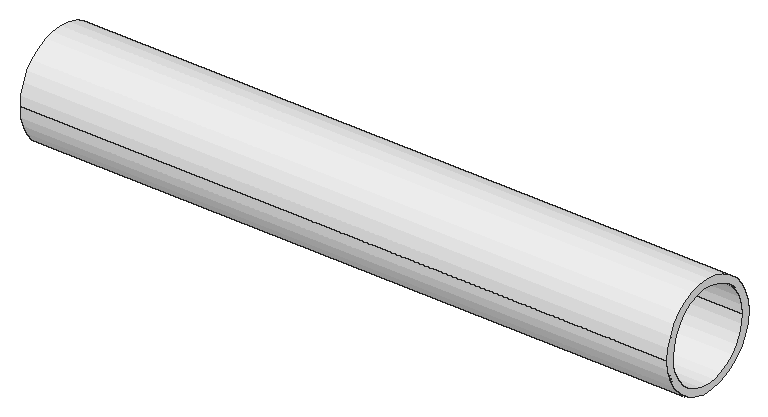
Revit family "M_HSS Redondo", category Quadro estrutural, Revit 2019
Family settings
  Arredondamento do comprimento do framing estrutural = 0.10 mm
  Forma do corte = HSS redondo
  Material para o comportamento do modelo = Aço
  Exportar sempre como geometria = Não
  Family Name Key = M_HSS Round
  Nome do código = AISC 14.1
  Número OmniClass = 23.25.30.11.14.14
  Título OmniClass = Beams
  ID de item do Seek = HSS-Round-0000-CAN-ENU
  Sempre na vertical = Sim
  Corte com vazios quando carregada = Não
  Representação simbólica = Das configurações de projeto
  Compartilhado = Não
  Exibir o pré-corte da família na vista da planta = Sim
Parameters (values of type "HSS190.5X12.7")
  Espessura nominal da parede = 12.70 mm
  Espessura da parede do projeto = 11.80 mm
  Momento de inércia de torção = 53300000.00 mm4
  Módulo de torção = 559000.0 mm³
  Structural Material [instance] = Aço, 45-345
  Section Name Key = ""
  Área de corte = 6650.0 mm²
  Eixo fraco do módulo plástico = 377000.0 mm³
  Eixo forte do módulo plástico = 377000.0 mm³
  Perimeter = (empty or 0)
  Nominal Weight = 546.23 N/m
  Moment of Inertia weak axis = 2660 cm⁴
  Moment of Inertia strong axis = 2660 cm⁴
  Length [instance] = 1500.00 mm
  Elastic Modulus weak axis = 279000.0 mm³
  Elastic Modulus strong axis = 279000.0 mm³
  Diameter = 191.00 mm
  Centroid Vertical = Diameter / 2  # 95.5 mm
  Centroid Horizontal = Diameter / 2  # 95.5 mm
  Assembly Code = ""
Reference planes
  plane 1 "Centro (Frente/Trás)": y = 0
  plane 2: z = 0
  plane 3 "Centro (Esquerda/Direita)": x = 4.61
  plane 4 "Membro esquerdo": x = -604.99
  plane 5 "Membro direito": x = 614.21
  plane 6: y = 95.5
  plane 7: y = -95.5
  plane 8 "Superior": z = 95.5
  plane 9: z = -95.5
  plane 10 "Esquerda": x = -757.39
  plane 11 "Direita": x = 742.61
Forms (mm)
  Extrusion 1, solid, material "Aço, 45-345" <- "Structural Material", detail levels medium+fine
    sketch origin (4.61, 0, 0) x (0, 1, 0) y (0, 0, 1)
      loop
        circle (0, 0) r 95.5
      loop
        circle (0, 0) r 82.8
    from -609.6 to 609.6
Lines and regions (mm)
  symbolic lines, style "Símbolos de vara", detail levels coarse
    curve 1: arc (0, 95.5, 0) -> (0, 0, -95.5) -> (0, -95.5, 0) r 95.5
    curve 2: arc (0, -95.5, 0) -> (0, 0, 95.5) -> (0, 95.5, 0) r 95.5
Dimensions and locks
  "Diameter": plane 6 to plane 7
  "Diameter": plane 9 to plane 8 "Superior"
  equal spacing: plane 9, plane 2, plane 8 "Superior"
  equal spacing: plane 6, plane 1 "Centro (Frente/Trás)", plane 7
  "Length": plane 10 "Esquerda" to plane 11 "Direita"
  "Espessura nominal da parede": plane 6 to Extrusion 1 sketch curve
  "Espessura nominal da parede": Extrusion 1 sketch curve to plane 7
  aligned and locked: plane 4 "Membro esquerdo" to Extrusion 1
  aligned and locked: Extrusion 1 to plane 5 "Membro direito"
Automatic sketch dimensions
  curve 1 to level = 0.00 mm
  curve 1 to plane 7 = 0.00 mm
  curve 1 to plane 1 "Centro (Frente/Trás)" = 0.00 mm
  Extrusion 1 sketch curve to Extrusion 1 sketch curve = 0.00 mm  (x2)
  Extrusion 1 sketch curve to level = 0.00 mm
  Extrusion 1 sketch curve to plane 7 = 0.00 mm
Types in the file's own list only (127): name | Espessura nominal da parede | Espessura da parede do projeto | Momento de inércia de torção | Módulo de torção | Chave do nome do corte | Área de corte | Eixo fraco do módulo plástico | Eixo forte do módulo plástico | Perímetro | Peso nominal | Eixo fraco do momento de inércia | Eixo forte do momento de inércia | Eixo fraco do módulo de elasticidade | Eixo forte do módulo de elasticidade | Diâmetro | Centróide vertical | Centróide horizontal
  HSS508X12.7 | 12.70 mm | 11.80 mm | 1130000000.00 mm4 | 4460000.0 mm³ | HSSRound 20x0.500 | 18400.0 mm² | 2900000.0 mm³ | 2900000.0 mm³ | 0.00 m²/m | 155.00 kgf/m | 566000000.00 mm4 | 566000000.00 mm4 | 2230000.0 mm³ | 2230000.0 mm³ | 508.00 mm | 254.00 mm | 254.00 mm
  HSS508X9.5 | 9.53 mm | 8.86 mm | 866000000.00 mm4 | 3410000.0 mm³ | HSSRound 20x0.375 | 13900.0 mm² | 2210000.0 mm³ | 2210000.0 mm³ | 0.00 m²/m | 117.00 kgf/m | 433000000.00 mm4 | 433000000.00 mm4 | 1700000.0 mm³ | 1700000.0 mm³ | 508.00 mm | 254.00 mm | 254.00 mm
  HSS457.2X12.7 | 12.70 mm | 11.80 mm | 820000000.00 mm4 | 3590000.0 mm³ | HSSRound 18x0.500 | 16500.0 mm² | 2340000.0 mm³ | 2340000.0 mm³ | 0.00 m²/m | 139.00 kgf/m | 410000000.00 mm4 | 410000000.00 mm4 | 1790000.0 mm³ | 1790000.0 mm³ | 457.00 mm | 228.50 mm | 228.50 mm
  HSS457.2X9.5 | 9.53 mm | 8.86 mm | 629000000.00 mm4 | 2750000.0 mm³ | HSSRound 18x0.375 | 12500.0 mm² | 1790000.0 mm³ | 1790000.0 mm³ | 0.00 m²/m | 105.00 kgf/m | 314000000.00 mm4 | 314000000.00 mm4 | 1370000.0 mm³ | 1370000.0 mm³ | 457.00 mm | 228.50 mm | 228.50 mm
  HSS406.4X15.9 | 15.90 mm | 14.80 mm | 699000000.00 mm4 | 3420000.0 mm³ | HSSRound 16x0.625 | 18100.0 mm² | 2260000.0 mm³ | 2260000.0 mm³ | 0.00 m²/m | 153.00 kgf/m | 349000000.00 mm4 | 349000000.00 mm4 | 1720000.0 mm³ | 1720000.0 mm³ | 406.00 mm | 203.00 mm | 203.00 mm
  HSS406.4X12.7 | 12.70 mm | 11.80 mm | 570000000.00 mm4 | 2800000.0 mm³ | HSSRound 16x0.500 | 14600.0 mm² | 1840000.0 mm³ | 1840000.0 mm³ | 0.00 m²/m | 123.00 kgf/m | 285000000.00 mm4 | 285000000.00 mm4 | 1400000.0 mm³ | 1400000.0 mm³ | 406.00 mm | 203.00 mm | 203.00 mm
  HSS406.4X11.1 | 11.10 mm | 10.30 mm | 504000000.00 mm4 | 2490000.0 mm³ | HSSRound 16x0.438 | 12800.0 mm² | 1620000.0 mm³ | 1620000.0 mm³ | 0.00 m²/m | 108.00 kgf/m | 252000000.00 mm4 | 252000000.00 mm4 | 1240000.0 mm³ | 1240000.0 mm³ | 406.00 mm | 203.00 mm | 203.00 mm
  HSS406.4X9.5 | 9.53 mm | 8.86 mm | 437000000.00 mm4 | 2150000.0 mm³ | HSSRound 16x0.375 | 11100.0 mm² | 1400000.0 mm³ | 1400000.0 mm³ | 0.00 m²/m | 93.20 kgf/m | 219000000.00 mm4 | 219000000.00 mm4 | 1080000.0 mm³ | 1080000.0 mm³ | 406.00 mm | 203.00 mm | 203.00 mm
  HSS406.4X7.9 | 7.94 mm | 7.39 mm | 369000000.00 mm4 | 1820000.0 mm³ | HSSRound 16x0.312 | 9290.0 mm² | 1180000.0 mm³ | 1180000.0 mm³ | 0.00 m²/m | 77.90 kgf/m | 184000000.00 mm4 | 184000000.00 mm4 | 908000.0 mm³ | 908000.0 mm³ | 406.00 mm | 203.00 mm | 203.00 mm
  HSS406.4X6.4 | 6.35 mm | 5.92 mm | 298000000.00 mm4 | 1470000.0 mm³ | HSSRound 16x0.250 | 7420.0 mm² | 949000.0 mm³ | 949000.0 mm³ | 0.00 m²/m | 62.60 kgf/m | 149000000.00 mm4 | 149000000.00 mm4 | 734000.0 mm³ | 734000.0 mm³ | 406.00 mm | 203.00 mm | 203.00 mm
  HSS355.6X15.9 | 15.90 mm | 14.80 mm | 458000000.00 mm4 | 2590000.0 mm³ | HSSRound 14x0.625 | 15800.0 mm² | 1720000.0 mm³ | 1720000.0 mm³ | 0.00 m²/m | 133.00 kgf/m | 230000000.00 mm4 | 230000000.00 mm4 | 1290000.0 mm³ | 1290000.0 mm³ | 356.00 mm | 178.00 mm | 178.00 mm
  HSS355.6X12.7 | 12.70 mm | 11.80 mm | 378000000.00 mm4 | 2130000.0 mm³ | HSSRound 14x0.500 | 12800.0 mm² | 1400000.0 mm³ | 1400000.0 mm³ | 0.00 m²/m | 107.00 kgf/m | 189000000.00 mm4 | 189000000.00 mm4 | 1060000.0 mm³ | 1060000.0 mm³ | 356.00 mm | 178.00 mm | 178.00 mm
  HSS355.6X9.5 | 9.53 mm | 8.86 mm | 291000000.00 mm4 | 1640000.0 mm³ | HSSRound 14x0.375 | 9680.0 mm² | 1070000.0 mm³ | 1070000.0 mm³ | 0.00 m²/m | 81.30 kgf/m | 145000000.00 mm4 | 145000000.00 mm4 | 816000.0 mm³ | 816000.0 mm³ | 356.00 mm | 178.00 mm | 178.00 mm
  HSS355.6X7.9 | 7.94 mm | 7.39 mm | 245000000.00 mm4 | 1380000.0 mm³ | HSSRound 14x0.312 | 8060.0 mm² | 896000.0 mm³ | 896000.0 mm³ | 0.00 m²/m | 67.90 kgf/m | 123000000.00 mm4 | 123000000.00 mm4 | 690000.0 mm³ | 690000.0 mm³ | 356.00 mm | 178.00 mm | 178.00 mm
  HSS355.6X6.4 | 6.35 mm | 5.92 mm | 199000000.00 mm4 | 1120000.0 mm³ | HSSRound 14x0.250 | 6520.0 mm² | 724000.0 mm³ | 724000.0 mm³ | 0.00 m²/m | 54.70 kgf/m | 99500000.00 mm4 | 99500000.00 mm4 | 559000.0 mm³ | 559000.0 mm³ | 356.00 mm | 178.00 mm | 178.00 mm
  HSS323.9X12.7 | 12.70 mm | 11.80 mm | 282000000.00 mm4 | 1740000.0 mm³ | HSSRound 12.750x0.500 | 11500.0 mm² | 1150000.0 mm³ | 1150000.0 mm³ | 0.00 m²/m | 97.40 kgf/m | 141000000.00 mm4 | 141000000.00 mm4 | 872000.0 mm³ | 872000.0 mm³ | 324.00 mm | 162.00 mm | 162.00 mm
  HSS323.9X9.5 | 9.53 mm | 8.86 mm | 218000000.00 mm4 | 1350000.0 mm³ | HSSRound 12.750x0.375 | 8770.0 mm² | 880000.0 mm³ | 880000.0 mm³ | 0.00 m²/m | 73.80 kgf/m | 109000000.00 mm4 | 109000000.00 mm4 | 672000.0 mm³ | 672000.0 mm³ | 324.00 mm | 162.00 mm | 162.00 mm
  HSS323.9X6.4 | 6.35 mm | 5.92 mm | 149000000.00 mm4 | 923000.0 mm³ | HSSRound 12.750x0.250 | 5910.0 mm² | 598000.0 mm³ | 598000.0 mm³ | 0.00 m²/m | 49.70 kgf/m | 74900000.00 mm4 | 74900000.00 mm4 | 462000.0 mm³ | 462000.0 mm³ | 324.00 mm | 162.00 mm | 162.00 mm
  HSS273.1X12.7 | 12.70 mm | 11.80 mm | 166000000.00 mm4 | 1210000.0 mm³ | HSSRound 10.750x0.500 | 9680.0 mm² | 806000.0 mm³ | 806000.0 mm³ | 0.00 m²/m | 81.50 kgf/m | 82800000.00 mm4 | 82800000.00 mm4 | 606000.0 mm³ | 606000.0 mm³ | 273.00 mm | 136.50 mm | 136.50 mm
  HSS273.1X9.5 | 9.53 mm | 8.86 mm | 129000000.00 mm4 | 941000.0 mm³ | HSSRound 10.750x0.375 | 7350.0 mm² | 619000.0 mm³ | 619000.0 mm³ | 0.00 m²/m | 61.90 kgf/m | 64100000.00 mm4 | 64100000.00 mm4 | 470000.0 mm³ | 470000.0 mm³ | 273.00 mm | 136.50 mm | 136.50 mm
  HSS273.1X6.4 | 6.35 mm | 5.92 mm | 88700000.00 mm4 | 649000.0 mm³ | HSSRound 10.750x0.250 | 4970.0 mm² | 423000.0 mm³ | 423000.0 mm³ | 0.00 m²/m | 41.80 kgf/m | 44100000.00 mm4 | 44100000.00 mm4 | 324000.0 mm³ | 324000.0 mm³ | 273.00 mm | 136.50 mm | 136.50 mm
  HSS254X15.9 | 15.90 mm | 14.80 mm | 159000000.00 mm4 | 1260000.0 mm³ | HSSRound 10x0.625 | 11100.0 mm² | 846000.0 mm³ | 846000.0 mm³ | 0.00 m²/m | 93.20 kgf/m | 79500000.00 mm4 | 79500000.00 mm4 | 628000.0 mm³ | 628000.0 mm³ | 254.00 mm | 127.00 mm | 127.00 mm
  HSS254X12.7 | 12.70 mm | 11.80 mm | 132000000.00 mm4 | 1040000.0 mm³ | HSSRound 10x0.500 | 8970.0 mm² | 693000.0 mm³ | 693000.0 mm³ | 0.00 m²/m | 75.60 kgf/m | 66200000.00 mm4 | 66200000.00 mm4 | 519000.0 mm³ | 519000.0 mm³ | 254.00 mm | 127.00 mm | 127.00 mm
  HSS254X9.5 | 9.53 mm | 8.86 mm | 103000000.00 mm4 | 808000.0 mm³ | HSSRound 10x0.375 | 6840.0 mm² | 533000.0 mm³ | 533000.0 mm³ | 0.00 m²/m | 57.40 kgf/m | 51200000.00 mm4 | 51200000.00 mm4 | 405000.0 mm³ | 405000.0 mm³ | 254.00 mm | 127.00 mm | 127.00 mm
  HSS254X7.9 | 7.94 mm | 7.39 mm | 87000000.00 mm4 | 687000.0 mm³ | HSSRound 10x0.312 | 5730.0 mm² | 449000.0 mm³ | 449000.0 mm³ | 0.00 m²/m | 48.10 kgf/m | 43700000.00 mm4 | 43700000.00 mm4 | 342000.0 mm³ | 342000.0 mm³ | 254.00 mm | 127.00 mm | 127.00 mm
  HSS254X6.4 | 6.35 mm | 5.92 mm | 71200000.00 mm4 | 559000.0 mm³ | HSSRound 10x0.250 | 4610.0 mm² | 364000.0 mm³ | 364000.0 mm³ | 0.00 m²/m | 38.80 kgf/m | 35500000.00 mm4 | 35500000.00 mm4 | 280000.0 mm³ | 280000.0 mm³ | 254.00 mm | 127.00 mm | 127.00 mm
  HSS254X4.8 | 4.78 mm | 4.42 mm | 54100000.00 mm4 | 424000.0 mm³ | HSSRound 10x0.188 | 3460.0 mm² | 275000.0 mm³ | 275000.0 mm³ | 0.00 m²/m | 29.30 kgf/m | 27000000.00 mm4 | 27000000.00 mm4 | 213000.0 mm³ | 213000.0 mm³ | 254.00 mm | 127.00 mm | 127.00 mm
  HSS244.5X12.7 | 12.70 mm | 11.80 mm | 117000000.00 mm4 | 959000.0 mm³ | HSSRound 9.625x0.500 | 8650.0 mm² | 639000.0 mm³ | 639000.0 mm³ | 0.00 m²/m | 72.60 kgf/m | 58700000.00 mm4 | 58700000.00 mm4 | 479000.0 mm³ | 479000.0 mm³ | 244.00 mm | 122.00 mm | 122.00 mm
  HSS244.5X9.5 | 9.53 mm | 8.86 mm | 91200000.00 mm4 | 746000.0 mm³ | HSSRound 9.625x0.375 | 6580.0 mm² | 492000.0 mm³ | 492000.0 mm³ | 0.00 m²/m | 55.20 kgf/m | 45800000.00 mm4 | 45800000.00 mm4 | 374000.0 mm³ | 374000.0 mm³ | 244.00 mm | 122.00 mm | 122.00 mm
  HSS244.5X7.9 | 7.94 mm | 7.39 mm | 77400000.00 mm4 | 634000.0 mm³ | HSSRound 9.625x0.312 | 5500.0 mm² | 416000.0 mm³ | 416000.0 mm³ | 0.00 m²/m | 46.20 kgf/m | 38700000.00 mm4 | 38700000.00 mm4 | 316000.0 mm³ | 316000.0 mm³ | 244.00 mm | 122.00 mm | 122.00 mm
  HSS244.5X6.4 | 6.35 mm | 5.92 mm | 63300000.00 mm4 | 516000.0 mm³ | HSSRound 9.625x0.250 | 4430.0 mm² | 338000.0 mm³ | 338000.0 mm³ | 0.00 m²/m | 37.30 kgf/m | 31600000.00 mm4 | 31600000.00 mm4 | 259000.0 mm³ | 259000.0 mm³ | 244.00 mm | 122.00 mm | 122.00 mm
  HSS244.5X4.8 | 4.78 mm | 4.42 mm | 47900000.00 mm4 | 393000.0 mm³ | HSSRound 9.625x0.188 | 3340.0 mm² | 254000.0 mm³ | 254000.0 mm³ | 0.00 m²/m | 28.20 kgf/m | 24000000.00 mm4 | 24000000.00 mm4 | 197000.0 mm³ | 197000.0 mm³ | 244.00 mm | 122.00 mm | 122.00 mm
  HSS219.1X15.9 | 15.90 mm | 14.80 mm | 99500000.00 mm4 | 908000.0 mm³ | HSSRound 8.625x0.625 | 9480.0 mm² | 618000.0 mm³ | 618000.0 mm³ | 0.00 m²/m | 79.50 kgf/m | 49500000.00 mm4 | 49500000.00 mm4 | 454000.0 mm³ | 454000.0 mm³ | 219.00 mm | 109.50 mm | 109.50 mm
  HSS219.1X12.7 | 12.70 mm | 11.80 mm | 82800000.00 mm4 | 757000.0 mm³ | HSSRound 8.625x0.500 | 7680.0 mm² | 508000.0 mm³ | 508000.0 mm³ | 0.00 m²/m | 64.60 kgf/m | 41600000.00 mm4 | 41600000.00 mm4 | 379000.0 mm³ | 379000.0 mm³ | 219.00 mm | 109.50 mm | 109.50 mm
  HSS219.1X9.5 | 9.53 mm | 8.86 mm | 64900000.00 mm4 | 592000.0 mm³ | HSSRound 8.625x0.375 | 5850.0 mm² | 392000.0 mm³ | 392000.0 mm³ | 0.00 m²/m | 49.20 kgf/m | 32400000.00 mm4 | 32400000.00 mm4 | 295000.0 mm³ | 295000.0 mm³ | 219.00 mm | 109.50 mm | 109.50 mm
  HSS219.1X8.2 | 8.18 mm | 7.62 mm | 56600000.00 mm4 | 518000.0 mm³ | HSSRound 8.625x0.322 | 5060.0 mm² | 341000.0 mm³ | 341000.0 mm³ | 0.00 m²/m | 42.50 kgf/m | 28300000.00 mm4 | 28300000.00 mm4 | 259000.0 mm³ | 259000.0 mm³ | 219.00 mm | 109.50 mm | 109.50 mm
  HSS219.1X6.4 | 6.35 mm | 5.92 mm | 45000000.00 mm4 | 411000.0 mm³ | HSSRound 8.625x0.250 | 3960.0 mm² | 269000.0 mm³ | 269000.0 mm³ | 0.00 m²/m | 33.30 kgf/m | 22500000.00 mm4 | 22500000.00 mm4 | 205000.0 mm³ | 205000.0 mm³ | 219.00 mm | 109.50 mm | 109.50 mm
  HSS219.1X4.8 | 4.78 mm | 4.42 mm | 34300000.00 mm4 | 313000.0 mm³ | HSSRound 8.625x0.188 | 2980.0 mm² | 203000.0 mm³ | 203000.0 mm³ | 0.00 m²/m | 25.20 kgf/m | 17200000.00 mm4 | 17200000.00 mm4 | 157000.0 mm³ | 157000.0 mm³ | 219.00 mm | 109.50 mm | 109.50 mm
  HSS193.7X9.5 | 9.53 mm | 8.86 mm | 44100000.00 mm4 | 456000.0 mm³ | HSSRound 7.625x0.375 | 5150.0 mm² | 303000.0 mm³ | 303000.0 mm³ | 0.00 m²/m | 43.20 kgf/m | 22000000.00 mm4 | 22000000.00 mm4 | 228000.0 mm³ | 228000.0 mm³ | 194.00 mm | 97.00 mm | 97.00 mm
  HSS193.7X8.3 | 8.33 mm | 7.75 mm | 39200000.00 mm4 | 405000.0 mm³ | HSSRound 7.625x0.328 | 4520.0 mm² | 269000.0 mm³ | 269000.0 mm³ | 0.00 m²/m | 38.10 kgf/m | 19600000.00 mm4 | 19600000.00 mm4 | 202000.0 mm³ | 202000.0 mm³ | 194.00 mm | 97.00 mm | 97.00 mm
  HSS190.5X9.5 | 9.53 mm | 8.86 mm | 41600000.00 mm4 | 439000.0 mm³ | HSSRound 7.500x0.375 | 5060.0 mm² | 293000.0 mm³ | 293000.0 mm³ | 0.00 m²/m | 42.50 kgf/m | 20900000.00 mm4 | 20900000.00 mm4 | 220000.0 mm³ | 220000.0 mm³ | 191.00 mm | 95.50 mm | 95.50 mm
  HSS190.5X7.9 | 7.94 mm | 7.39 mm | 35700000.00 mm4 | 375000.0 mm³ | HSSRound 7.500x0.312 | 4250.0 mm² | 247000.0 mm³ | 247000.0 mm³ | 0.00 m²/m | 35.70 kgf/m | 17900000.00 mm4 | 17900000.00 mm4 | 187000.0 mm³ | 187000.0 mm³ | 191.00 mm | 95.50 mm | 95.50 mm
  HSS190.5X6.4 | 6.35 mm | 5.92 mm | 29300000.00 mm4 | 306000.0 mm³ | HSSRound 7.500x0.250 | 3430.0 mm² | 202000.0 mm³ | 202000.0 mm³ | 0.00 m²/m | 28.80 kgf/m | 14700000.00 mm4 | 14700000.00 mm4 | 154000.0 mm³ | 154000.0 mm³ | 191.00 mm | 95.50 mm | 95.50 mm
  HSS190.5X4.8 | 4.78 mm | 4.42 mm | 22400000.00 mm4 | 234000.0 mm³ | HSSRound 7.500x0.188 | 2580.0 mm² | 153000.0 mm³ | 153000.0 mm³ | 0.00 m²/m | 21.90 kgf/m | 11200000.00 mm4 | 11200000.00 mm4 | 117000.0 mm³ | 117000.0 mm³ | 191.00 mm | 95.50 mm | 95.50 mm
  HSS177.8X12.7 | 12.70 mm | 11.80 mm | 42500000.00 mm4 | 480000.0 mm³ | HSSRound 7x0.500 | 6160.0 mm² | 326000.0 mm³ | 326000.0 mm³ | 0.00 m²/m | 51.70 kgf/m | 21300000.00 mm4 | 21300000.00 mm4 | 239000.0 mm³ | 239000.0 mm³ | 178.00 mm | 89.00 mm | 89.00 mm
  HSS177.8X9.5 | 9.53 mm | 8.86 mm | 33700000.00 mm4 | 379000.0 mm³ | HSSRound 7x0.375 | 4700.0 mm² | 254000.0 mm³ | 254000.0 mm³ | 0.00 m²/m | 39.50 kgf/m | 16800000.00 mm4 | 16800000.00 mm4 | 190000.0 mm³ | 190000.0 mm³ | 178.00 mm | 89.00 mm | 89.00 mm
  HSS177.8X7.9 | 7.94 mm | 7.39 mm | 28800000.00 mm4 | 324000.0 mm³ | HSSRound 7x0.312 | 3950.0 mm² | 215000.0 mm³ | 215000.0 mm³ | 0.00 m²/m | 33.20 kgf/m | 14400000.00 mm4 | 14400000.00 mm4 | 162000.0 mm³ | 162000.0 mm³ | 178.00 mm | 89.00 mm | 89.00 mm
  HSS177.8X6.4 | 6.35 mm | 5.92 mm | 23600000.00 mm4 | 265000.0 mm³ | HSSRound 7x0.250 | 3190.0 mm² | 175000.0 mm³ | 175000.0 mm³ | 0.00 m²/m | 26.80 kgf/m | 11800000.00 mm4 | 11800000.00 mm4 | 133000.0 mm³ | 133000.0 mm³ | 178.00 mm | 89.00 mm | 89.00 mm
  HSS177.8X4.8 | 4.78 mm | 4.42 mm | 18100000.00 mm4 | 203000.0 mm³ | HSSRound 7x0.188 | 2410.0 mm² | 133000.0 mm³ | 133000.0 mm³ | 0.00 m²/m | 20.40 kgf/m | 9030000.00 mm4 | 9030000.00 mm4 | 102000.0 mm³ | 102000.0 mm³ | 178.00 mm | 89.00 mm | 89.00 mm
  HSS177.8X3.2 | 3.18 mm | 2.95 mm | 12400000.00 mm4 | 139000.0 mm³ | HSSRound 7x0.125 | 1620.0 mm² | 90100.0 mm³ | 90100.0 mm³ | 0.00 m²/m | 13.70 kgf/m | 6200000.00 mm4 | 6200000.00 mm4 | 69600.0 mm³ | 69600.0 mm³ | 178.00 mm | 89.00 mm | 89.00 mm
  HSS174.6X12.7 | 12.70 mm | 11.80 mm | 40200000.00 mm4 | 460000.0 mm³ | HSSRound 6.875x0.500 | 6040.0 mm² | 313000.0 mm³ | 313000.0 mm³ | 0.00 m²/m | 50.70 kgf/m | 20100000.00 mm4 | 20100000.00 mm4 | 231000.0 mm³ | 231000.0 mm³ | 175.00 mm | 87.50 mm | 87.50 mm
  HSS174.6X9.5 | 9.53 mm | 8.86 mm | 31800000.00 mm4 | 364000.0 mm³ | HSSRound 6.875x0.375 | 4620.0 mm² | 244000.0 mm³ | 244000.0 mm³ | 0.00 m²/m | 38.80 kgf/m | 15900000.00 mm4 | 15900000.00 mm4 | 182000.0 mm³ | 182000.0 mm³ | 175.00 mm | 87.50 mm | 87.50 mm
  HSS174.6X7.9 | 7.94 mm | 7.39 mm | 27200000.00 mm4 | 311000.0 mm³ | HSSRound 6.875x0.312 | 3880.0 mm² | 206000.0 mm³ | 206000.0 mm³ | 0.00 m²/m | 32.60 kgf/m | 13600000.00 mm4 | 13600000.00 mm4 | 156000.0 mm³ | 156000.0 mm³ | 175.00 mm | 87.50 mm | 87.50 mm
  HSS174.6X6.4 | 6.35 mm | 5.92 mm | 22400000.00 mm4 | 256000.0 mm³ | HSSRound 6.875x0.250 | 3140.0 mm² | 169000.0 mm³ | 169000.0 mm³ | 0.00 m²/m | 26.30 kgf/m | 11200000.00 mm4 | 11200000.00 mm4 | 128000.0 mm³ | 128000.0 mm³ | 175.00 mm | 87.50 mm | 87.50 mm
  HSS174.6X4.8 | 4.78 mm | 4.42 mm | 17100000.00 mm4 | 197000.0 mm³ | HSSRound 6.875x0.188 | 2360.0 mm² | 128000.0 mm³ | 128000.0 mm³ | 0.00 m²/m | 20.00 kgf/m | 8570000.00 mm4 | 8570000.00 mm4 | 98200.0 mm³ | 98200.0 mm³ | 175.00 mm | 87.50 mm | 87.50 mm
  HSS168.3X12.7 | 12.70 mm | 11.80 mm | 35800000.00 mm4 | 424000.0 mm³ | HSSRound 6.625x0.500 | 5810.0 mm² | 290000.0 mm³ | 290000.0 mm³ | 0.00 m²/m | 48.70 kgf/m | 17900000.00 mm4 | 17900000.00 mm4 | 213000.0 mm³ | 213000.0 mm³ | 168.00 mm | 84.00 mm | 84.00 mm
  HSS168.3X11 | 11.10 mm | 10.20 mm | 31800000.00 mm4 | 379000.0 mm³ | HSSRound 6.625X0.432 | 5070.0 mm² | 256000.0 mm³ | 256000.0 mm³ | 0.00 m²/m | 42.60 kgf/m | 15900000.00 mm4 | 15900000.00 mm4 | 188000.0 mm³ | 188000.0 mm³ | 168.00 mm | 84.00 mm | 84.00 mm
  HSS168.3X9.5 | 9.53 mm | 8.86 mm | 28300000.00 mm4 | 336000.0 mm³ | HSSRound 6.625x0.375 | 4440.0 mm² | 226000.0 mm³ | 226000.0 mm³ | 0.00 m²/m | 37.30 kgf/m | 14200000.00 mm4 | 14200000.00 mm4 | 169000.0 mm³ | 169000.0 mm³ | 168.00 mm | 84.00 mm | 84.00 mm
  HSS168.3X7.9 | 7.94 mm | 7.39 mm | 24200000.00 mm4 | 288000.0 mm³ | HSSRound 6.625x0.312 | 3740.0 mm² | 192000.0 mm³ | 192000.0 mm³ | 0.00 m²/m | 31.30 kgf/m | 12100000.00 mm4 | 12100000.00 mm4 | 144000.0 mm³ | 144000.0 mm³ | 168.00 mm | 84.00 mm | 84.00 mm
  HSS168.3X7.1 | 7.11 mm | 6.60 mm | 21900000.00 mm4 | 261000.0 mm³ | HSSRound 6.625x0.280 | 3350.0 mm² | 172000.0 mm³ | 172000.0 mm³ | 0.00 m²/m | 28.30 kgf/m | 11000000.00 mm4 | 11000000.00 mm4 | 130000.0 mm³ | 130000.0 mm³ | 168.00 mm | 84.00 mm | 84.00 mm
  HSS168.3X6.4 | 6.35 mm | 5.92 mm | 19900000.00 mm4 | 236000.0 mm³ | HSSRound 6.625x0.250 | 3020.0 mm² | 156000.0 mm³ | 156000.0 mm³ | 0.00 m²/m | 25.40 kgf/m | 9950000.00 mm4 | 9950000.00 mm4 | 118000.0 mm³ | 118000.0 mm³ | 168.00 mm | 84.00 mm | 84.00 mm
  HSS168.3X4.8 | 4.78 mm | 4.42 mm | 15300000.00 mm4 | 182000.0 mm³ | HSSRound 6.625x0.188 | 2280.0 mm² | 119000.0 mm³ | 119000.0 mm³ | 0.00 m²/m | 19.20 kgf/m | 7660000.00 mm4 | 7660000.00 mm4 | 90800.0 mm³ | 90800.0 mm³ | 168.00 mm | 84.00 mm | 84.00 mm
  HSS168.3X3.2 | 3.18 mm | 2.95 mm | 10400000.00 mm4 | 124000.0 mm³ | HSSRound 6.625x0.125 | 1530.0 mm² | 80600.0 mm³ | 80600.0 mm³ | 0.00 m²/m | 12.90 kgf/m | 5240000.00 mm4 | 5240000.00 mm4 | 62100.0 mm³ | 62100.0 mm³ | 168.00 mm | 84.00 mm | 84.00 mm
  HSS152.4X12.7 | 12.70 mm | 11.80 mm | 26000000.00 mm4 | 341000.0 mm³ | HSSRound 6x0.500 | 5220.0 mm² | 234000.0 mm³ | 234000.0 mm³ | 0.00 m²/m | 43.70 kgf/m | 13000000.00 mm4 | 13000000.00 mm4 | 170000.0 mm³ | 170000.0 mm³ | 152.00 mm | 76.00 mm | 76.00 mm
  HSS152.4X9.5 | 9.53 mm | 8.86 mm | 20700000.00 mm4 | 272000.0 mm³ | HSSRound 6x0.375 | 4000.0 mm² | 184000.0 mm³ | 184000.0 mm³ | 0.00 m²/m | 33.60 kgf/m | 10300000.00 mm4 | 10300000.00 mm4 | 136000.0 mm³ | 136000.0 mm³ | 152.00 mm | 76.00 mm | 76.00 mm
  HSS152.4X7.9 | 7.94 mm | 7.39 mm | 17700000.00 mm4 | 233000.0 mm³ | HSSRound 6x0.312 | 3370.0 mm² | 156000.0 mm³ | 156000.0 mm³ | 0.00 m²/m | 28.20 kgf/m | 8870000.00 mm4 | 8870000.00 mm4 | 117000.0 mm³ | 117000.0 mm³ | 152.00 mm | 76.00 mm | 76.00 mm
  HSS152.4X7.1 | 7.11 mm | 6.60 mm | 16100000.00 mm4 | 211000.0 mm³ | HSSRound 6x0.280 | 3030.0 mm² | 140000.0 mm³ | 140000.0 mm³ | 0.00 m²/m | 25.50 kgf/m | 8030000.00 mm4 | 8030000.00 mm4 | 106000.0 mm³ | 106000.0 mm³ | 152.00 mm | 76.00 mm | 76.00 mm
  HSS152.4X6.4 | 6.35 mm | 5.92 mm | 14700000.00 mm4 | 192000.0 mm³ | HSSRound 6x0.250 | 2720.0 mm² | 127000.0 mm³ | 127000.0 mm³ | 0.00 m²/m | 22.90 kgf/m | 7330000.00 mm4 | 7330000.00 mm4 | 96000.0 mm³ | 96000.0 mm³ | 152.00 mm | 76.00 mm | 76.00 mm
  HSS152.4X4.8 | 4.78 mm | 4.42 mm | 11200000.00 mm4 | 148000.0 mm³ | HSSRound 6x0.188 | 2050.0 mm² | 96800.0 mm³ | 96800.0 mm³ | 0.00 m²/m | 17.40 kgf/m | 5620000.00 mm4 | 5620000.00 mm4 | 73900.0 mm³ | 73900.0 mm³ | 152.00 mm | 76.00 mm | 76.00 mm
  HSS152.4X3.2 | 3.18 mm | 2.95 mm | 7740000.00 mm4 | 101000.0 mm³ | HSSRound 6x0.125 | 1380.0 mm² | 65900.0 mm³ | 65900.0 mm³ | 0.00 m²/m | 11.70 kgf/m | 3860000.00 mm4 | 3860000.00 mm4 | 50600.0 mm³ | 50600.0 mm³ | 152.00 mm | 76.00 mm | 76.00 mm
  HSS141.3X12.7 | 12.70 mm | 11.80 mm | 20300000.00 mm4 | 287000.0 mm³ | HSSRound 5.563x0.500 | 4810.0 mm² | 198000.0 mm³ | 198000.0 mm³ | 0.00 m²/m | 40.30 kgf/m | 10200000.00 mm4 | 10200000.00 mm4 | 144000.0 mm³ | 144000.0 mm³ | 141.00 mm | 70.50 mm | 70.50 mm
  HSS141.3X9.5 | 9.53 mm | 8.86 mm | 16200000.00 mm4 | 229000.0 mm³ | HSSRound 5.563x0.375 | 3690.0 mm² | 156000.0 mm³ | 156000.0 mm³ | 0.00 m²/m | 30.90 kgf/m | 8120000.00 mm4 | 8120000.00 mm4 | 115000.0 mm³ | 115000.0 mm³ | 141.00 mm | 70.50 mm | 70.50 mm
  HSS141.3X6.6 | 6.55 mm | 6.10 mm | 11900000.00 mm4 | 167000.0 mm³ | HSSRound 5.563x0.258 | 2590.0 mm² | 111000.0 mm³ | 111000.0 mm³ | 0.00 m²/m | 21.80 kgf/m | 5910000.00 mm4 | 5910000.00 mm4 | 83900.0 mm³ | 83900.0 mm³ | 141.00 mm | 70.50 mm | 70.50 mm
  HSS141.3X4.8 | 4.78 mm | 4.42 mm | 8910000.00 mm4 | 126000.0 mm³ | HSSRound 5.563x0.188 | 1900.0 mm² | 82800.0 mm³ | 82800.0 mm³ | 0.00 m²/m | 16.10 kgf/m | 4450000.00 mm4 | 4450000.00 mm4 | 63100.0 mm³ | 63100.0 mm³ | 141.00 mm | 70.50 mm | 70.50 mm
  HSS141.3X3.4 | 3.40 mm | 3.15 mm | 6530000.00 mm4 | 92400.0 mm³ | HSSRound 5.563x0.134 | 1370.0 mm² | 60100.0 mm³ | 60100.0 mm³ | 0.00 m²/m | 11.60 kgf/m | 3260000.00 mm4 | 3260000.00 mm4 | 46200.0 mm³ | 46200.0 mm³ | 141.00 mm | 70.50 mm | 70.50 mm
  HSS139.7X12.7 | 12.70 mm | 11.80 mm | 19600000.00 mm4 | 280000.0 mm³ | HSSRound 5.500x0.500 | 4750.0 mm² | 193000.0 mm³ | 193000.0 mm³ | 0.00 m²/m | 39.80 kgf/m | 9780000.00 mm4 | 9780000.00 mm4 | 140000.0 mm³ | 140000.0 mm³ | 140.00 mm | 70.00 mm | 70.00 mm
  HSS139.7X9.5 | 9.53 mm | 8.86 mm | 15700000.00 mm4 | 225000.0 mm³ | HSSRound 5.500x0.375 | 3650.0 mm² | 152000.0 mm³ | 152000.0 mm³ | 0.00 m²/m | 30.60 kgf/m | 7830000.00 mm4 | 7830000.00 mm4 | 112000.0 mm³ | 112000.0 mm³ | 140.00 mm | 70.00 mm | 70.00 mm
  HSS139.7X6.6 | 6.55 mm | 6.10 mm | 11400000.00 mm4 | 164000.0 mm³ | HSSRound 5.500x0.258 | 2560.0 mm² | 109000.0 mm³ | 109000.0 mm³ | 0.00 m²/m | 21.50 kgf/m | 5700000.00 mm4 | 5700000.00 mm4 | 81900.0 mm³ | 81900.0 mm³ | 140.00 mm | 70.00 mm | 70.00 mm
  HSS127X12.7 | 12.70 mm | 11.80 mm | 14300000.00 mm4 | 226000.0 mm³ | HSSRound 5X0.500 | 4270.0 mm² | 157000.0 mm³ | 157000.0 mm³ | 0.00 m²/m | 35.80 kgf/m | 7160000.00 mm4 | 7160000.00 mm4 | 113000.0 mm³ | 113000.0 mm³ | 127.00 mm | 63.50 mm | 63.50 mm
  HSS127X9.5 | 9.53 mm | 8.86 mm | 11500000.00 mm4 | 182000.0 mm³ | HSSRound 5X0.375 | 3290.0 mm² | 124000.0 mm³ | 124000.0 mm³ | 0.00 m²/m | 27.60 kgf/m | 5790000.00 mm4 | 5790000.00 mm4 | 90900.0 mm³ | 90900.0 mm³ | 127.00 mm | 63.50 mm | 63.50 mm
  HSS127X7.9 | 7.94 mm | 7.39 mm | 9990000.00 mm4 | 157000.0 mm³ | HSSRound 5X0.312 | 2770.0 mm² | 106000.0 mm³ | 106000.0 mm³ | 0.00 m²/m | 23.30 kgf/m | 4990000.00 mm4 | 4990000.00 mm4 | 78500.0 mm³ | 78500.0 mm³ | 127.00 mm | 63.50 mm | 63.50 mm
  HSS127X6.6 | 6.55 mm | 6.10 mm | 8490000.00 mm4 | 134000.0 mm³ | HSSRound 5X0.258 | 2320.0 mm² | 89100.0 mm³ | 89100.0 mm³ | 0.00 m²/m | 19.50 kgf/m | 4250000.00 mm4 | 4250000.00 mm4 | 66900.0 mm³ | 66900.0 mm³ | 127.00 mm | 63.50 mm | 63.50 mm
  HSS127X6.4 | 6.35 mm | 5.92 mm | 8280000.00 mm4 | 130000.0 mm³ | HSSRound 5X0.250 | 2250.0 mm² | 86900.0 mm³ | 86900.0 mm³ | 0.00 m²/m | 18.90 kgf/m | 4140000.00 mm4 | 4140000.00 mm4 | 65100.0 mm³ | 65100.0 mm³ | 127.00 mm | 63.50 mm | 63.50 mm
  HSS127X4.8 | 4.78 mm | 4.42 mm | 6410000.00 mm4 | 101000.0 mm³ | HSSRound 5X0.188 | 1700.0 mm² | 66400.0 mm³ | 66400.0 mm³ | 0.00 m²/m | 14.40 kgf/m | 3200000.00 mm4 | 3200000.00 mm4 | 50500.0 mm³ | 50500.0 mm³ | 127.00 mm | 63.50 mm | 63.50 mm
  HSS127X3.2 | 3.18 mm | 2.95 mm | 4410000.00 mm4 | 69600.0 mm³ | HSSRound 5X0.125 | 1150.0 mm² | 45400.0 mm³ | 45400.0 mm³ | 0.00 m²/m | 9.69 kgf/m | 2210000.00 mm4 | 2210000.00 mm4 | 34700.0 mm³ | 34700.0 mm³ | 127.00 mm | 63.50 mm | 63.50 mm
  HSS114.3X9.5 | 9.53 mm | 8.86 mm | 8200000.00 mm4 | 144000.0 mm³ | HSSRound 4.500x0.375 | 2940.0 mm² | 98800.0 mm³ | 98800.0 mm³ | 0.00 m²/m | 24.60 kgf/m | 4110000.00 mm4 | 4110000.00 mm4 | 71900.0 mm³ | 71900.0 mm³ | 114.00 mm | 57.00 mm | 57.00 mm
  HSS114.3X8.6 | 8.56 mm | 7.95 mm | 7530000.00 mm4 | 132000.0 mm³ | HSSRound 4.500x0.337 | 2660.0 mm² | 90100.0 mm³ | 90100.0 mm³ | 0.00 m²/m | 22.30 kgf/m | 3780000.00 mm4 | 3780000.00 mm4 | 66000.0 mm³ | 66000.0 mm³ | 114.00 mm | 57.00 mm | 57.00 mm
  HSS114.3X6 | 6.02 mm | 5.59 mm | 5660000.00 mm4 | 99000.0 mm³ | HSSRound 4.500x0.237 | 1910.0 mm² | 66000.0 mm³ | 66000.0 mm³ | 0.00 m²/m | 16.10 kgf/m | 2830000.00 mm4 | 2830000.00 mm4 | 49500.0 mm³ | 49500.0 mm³ | 114.00 mm | 57.00 mm | 57.00 mm
  HSS114.3X4.8 | 4.78 mm | 4.42 mm | 4620000.00 mm4 | 80800.0 mm³ | HSSRound 4.500x0.188 | 1520.0 mm² | 53400.0 mm³ | 53400.0 mm³ | 0.00 m²/m | 12.90 kgf/m | 2310000.00 mm4 | 2310000.00 mm4 | 40300.0 mm³ | 40300.0 mm³ | 114.00 mm | 57.00 mm | 57.00 mm
  HSS114.3X3.2 | 3.18 mm | 2.95 mm | 3200000.00 mm4 | 55900.0 mm³ | HSSRound 4.500x0.125 | 1030.0 mm² | 36500.0 mm³ | 36500.0 mm³ | 0.00 m²/m | 8.70 kgf/m | 1600000.00 mm4 | 1600000.00 mm4 | 28000.0 mm³ | 28000.0 mm³ | 114.00 mm | 57.00 mm | 57.00 mm
  HSS101.6X8 | 7.94 mm | 7.39 mm | 4870000.00 mm4 | 96200.0 mm³ | HSSRound 4x0.313 | 2190.0 mm² | 65700.0 mm³ | 65700.0 mm³ | 0.00 m²/m | 18.40 kgf/m | 2440000.00 mm4 | 2440000.00 mm4 | 48000.0 mm³ | 48000.0 mm³ | 102.00 mm | 51.00 mm | 51.00 mm
  HSS101.6X6.4 | 6.35 mm | 5.92 mm | 4090000.00 mm4 | 80500.0 mm³ | HSSRound 4x0.250 | 1780.0 mm² | 54200.0 mm³ | 54200.0 mm³ | 0.00 m²/m | 14.90 kgf/m | 2040000.00 mm4 | 2040000.00 mm4 | 40100.0 mm³ | 40100.0 mm³ | 102.00 mm | 51.00 mm | 51.00 mm
  HSS101.6X6 | 6.02 mm | 5.59 mm | 3900000.00 mm4 | 76700.0 mm³ | HSSRound 4x0.237 | 1680.0 mm² | 51600.0 mm³ | 51600.0 mm³ | 0.00 m²/m | 14.20 kgf/m | 1950000.00 mm4 | 1950000.00 mm4 | 38300.0 mm³ | 38300.0 mm³ | 102.00 mm | 51.00 mm | 51.00 mm
  HSS101.6X5.7 | 5.74 mm | 5.33 mm | 3750000.00 mm4 | 73700.0 mm³ | HSSRound 4x0.226 | 1610.0 mm² | 49500.0 mm³ | 49500.0 mm³ | 0.00 m²/m | 13.60 kgf/m | 1870000.00 mm4 | 1870000.00 mm4 | 36900.0 mm³ | 36900.0 mm³ | 102.00 mm | 51.00 mm | 51.00 mm
  HSS101.6X5.6 | 5.59 mm | 5.21 mm | 3680000.00 mm4 | 72300.0 mm³ | HSSRound 4x0.220 | 1570.0 mm² | 48500.0 mm³ | 48500.0 mm³ | 0.00 m²/m | 13.20 kgf/m | 1840000.00 mm4 | 1840000.00 mm4 | 36200.0 mm³ | 36200.0 mm³ | 102.00 mm | 51.00 mm | 51.00 mm
  HSS101.6X4.8 | 4.78 mm | 4.42 mm | 3190000.00 mm4 | 62800.0 mm³ | HSSRound 4x0.188 | 1350.0 mm² | 41800.0 mm³ | 41800.0 mm³ | 0.00 m²/m | 11.40 kgf/m | 1590000.00 mm4 | 1590000.00 mm4 | 31500.0 mm³ | 31500.0 mm³ | 102.00 mm | 51.00 mm | 51.00 mm
  HSS101.6X3.2 | 3.18 mm | 2.95 mm | 2220000.00 mm4 | 43800.0 mm³ | HSSRound 4x0.125 | 916.0 mm² | 28700.0 mm³ | 28700.0 mm³ | 0.00 m²/m | 7.70 kgf/m | 1110000.00 mm4 | 1110000.00 mm4 | 22000.0 mm³ | 22000.0 mm³ | 102.00 mm | 51.00 mm | 51.00 mm
  HSS88.9X8 | 7.95 mm | 7.39 mm | 3170000.00 mm4 | 71300.0 mm³ | HSSRound 3.500x0.313 | 1890.0 mm² | 49200.0 mm³ | 49200.0 mm³ | 0.00 m²/m | 15.90 kgf/m | 1590000.00 mm4 | 1590000.00 mm4 | 35700.0 mm³ | 35700.0 mm³ | 88.90 mm | 44.45 mm | 44.45 mm
  HSS88.9X7.6 | 7.62 mm | 7.09 mm | 3070000.00 mm4 | 69200.0 mm³ | HSSRound 3.500x0.300 | 1820.0 mm² | 47500.0 mm³ | 47500.0 mm³ | 0.00 m²/m | 15.30 kgf/m | 1540000.00 mm4 | 1540000.00 mm4 | 34600.0 mm³ | 34600.0 mm³ | 88.90 mm | 44.45 mm | 44.45 mm
  HSS88.9X6.4 | 6.35 mm | 5.92 mm | 2670000.00 mm4 | 60000.0 mm³ | HSSRound 3.500x0.250 | 1540.0 mm² | 40800.0 mm³ | 40800.0 mm³ | 0.00 m²/m | 12.90 kgf/m | 1340000.00 mm4 | 1340000.00 mm4 | 30000.0 mm³ | 30000.0 mm³ | 88.90 mm | 44.45 mm | 44.45 mm
  HSS88.9X5.5 | 5.49 mm | 5.11 mm | 2370000.00 mm4 | 53300.0 mm³ | HSSRound 3.500x0.216 | 1340.0 mm² | 35900.0 mm³ | 35900.0 mm³ | 0.00 m²/m | 11.30 kgf/m | 1180000.00 mm4 | 1180000.00 mm4 | 26700.0 mm³ | 26700.0 mm³ | 88.90 mm | 44.45 mm | 44.45 mm
  HSS88.9X5.2 | 5.16 mm | 4.80 mm | 2250000.00 mm4 | 50600.0 mm³ | HSSRound 3.500x0.203 | 1270.0 mm² | 33900.0 mm³ | 33900.0 mm³ | 0.00 m²/m | 10.60 kgf/m | 1120000.00 mm4 | 1120000.00 mm4 | 25200.0 mm³ | 25200.0 mm³ | 88.90 mm | 44.45 mm | 44.45 mm
  HSS88.9X4.8 | 4.78 mm | 4.42 mm | 2100000.00 mm4 | 47200.0 mm³ | HSSRound 3.500x0.188 | 1170.0 mm² | 31600.0 mm³ | 31600.0 mm³ | 0.00 m²/m | 9.90 kgf/m | 1050000.00 mm4 | 1050000.00 mm4 | 23600.0 mm³ | 23600.0 mm³ | 88.90 mm | 44.45 mm | 44.45 mm
  HSS88.9X3.2 | 3.18 mm | 2.95 mm | 1470000.00 mm4 | 33100.0 mm³ | HSSRound 3.500x0.125 | 794.0 mm² | 21800.0 mm³ | 21800.0 mm³ | 0.00 m²/m | 6.71 kgf/m | 737000.00 mm4 | 737000.00 mm4 | 16600.0 mm³ | 16600.0 mm³ | 88.90 mm | 44.45 mm | 44.45 mm
  HSS76.2X6.4 | 6.35 mm | 5.92 mm | 1620000.00 mm4 | 42600.0 mm³ | HSSRound 3x0.250 | 1310.0 mm² | 29300.0 mm³ | 29300.0 mm³ | 0.00 m²/m | 10.90 kgf/m | 812000.00 mm4 | 812000.00 mm4 | 21300.0 mm³ | 21300.0 mm³ | 76.20 mm | 38.10 mm | 38.10 mm
  HSS76.2X5.5 | 5.49 mm | 5.11 mm | 1450000.00 mm4 | 38000.0 mm³ | HSSRound 3x0.216 | 1140.0 mm² | 25900.0 mm³ | 25900.0 mm³ | 0.00 m²/m | 9.57 kgf/m | 724000.00 mm4 | 724000.00 mm4 | 19000.0 mm³ | 19000.0 mm³ | 76.20 mm | 38.10 mm | 38.10 mm
  HSS76.2X5.2 | 5.16 mm | 4.80 mm | 1380000.00 mm4 | 36200.0 mm³ | HSSRound 3x0.203 | 1080.0 mm² | 24600.0 mm³ | 24600.0 mm³ | 0.00 m²/m | 9.03 kgf/m | 691000.00 mm4 | 691000.00 mm4 | 18000.0 mm³ | 18000.0 mm³ | 76.20 mm | 38.10 mm | 38.10 mm
  HSS76.2X4.8 | 4.78 mm | 4.42 mm | 1290000.00 mm4 | 33800.0 mm³ | HSSRound 3x0.188 | 994.0 mm² | 22800.0 mm³ | 22800.0 mm³ | 0.00 m²/m | 8.41 kgf/m | 645000.00 mm4 | 645000.00 mm4 | 16900.0 mm³ | 16900.0 mm³ | 76.20 mm | 38.10 mm | 38.10 mm
  HSS76.2X3.9 | 3.86 mm | 3.58 mm | 1080000.00 mm4 | 28300.0 mm³ | HSSRound 3x0.152 | 819.0 mm² | 18800.0 mm³ | 18800.0 mm³ | 0.00 m²/m | 6.89 kgf/m | 541000.00 mm4 | 541000.00 mm4 | 14200.0 mm³ | 14200.0 mm³ | 76.20 mm | 38.10 mm | 38.10 mm
  HSS76.2X3.4 | 3.40 mm | 3.15 mm | 966000.00 mm4 | 25400.0 mm³ | HSSRound 3x0.134 | 723.0 mm² | 16900.0 mm³ | 16900.0 mm³ | 0.00 m²/m | 6.11 kgf/m | 483000.00 mm4 | 483000.00 mm4 | 12700.0 mm³ | 12700.0 mm³ | 76.20 mm | 38.10 mm | 38.10 mm
  HSS76.2X3.2 | 3.18 mm | 2.95 mm | 912000.00 mm4 | 23900.0 mm³ | HSSRound 3x0.125 | 677.0 mm² | 15800.0 mm³ | 15800.0 mm³ | 0.00 m²/m | 5.72 kgf/m | 454000.00 mm4 | 454000.00 mm4 | 12000.0 mm³ | 12000.0 mm³ | 76.20 mm | 38.10 mm | 38.10 mm
  HSS73X6.4 | 6.35 mm | 5.92 mm | 1420000.00 mm4 | 38800.0 mm³ | HSSRound 2.875x0.250 | 1250.0 mm² | 26700.0 mm³ | 26700.0 mm³ | 0.00 m²/m | 10.40 kgf/m | 708000.00 mm4 | 708000.00 mm4 | 19300.0 mm³ | 19300.0 mm³ | 73.00 mm | 36.50 mm | 36.50 mm
  HSS73X5.2 | 5.16 mm | 4.80 mm | 1200000.00 mm4 | 32900.0 mm³ | HSSRound 2.875x0.203 | 1030.0 mm² | 22500.0 mm³ | 22500.0 mm³ | 0.00 m²/m | 8.63 kgf/m | 604000.00 mm4 | 604000.00 mm4 | 16600.0 mm³ | 16600.0 mm³ | 73.00 mm | 36.50 mm | 36.50 mm
  HSS73X4.8 | 4.78 mm | 4.42 mm | 1120000.00 mm4 | 30800.0 mm³ | HSSRound 2.875x0.188 | 955.0 mm² | 20800.0 mm³ | 20800.0 mm³ | 0.00 m²/m | 8.04 kgf/m | 562000.00 mm4 | 562000.00 mm4 | 15400.0 mm³ | 15400.0 mm³ | 73.00 mm | 36.50 mm | 36.50 mm
  HSS73X3.2 | 3.18 mm | 2.95 mm | 799000.00 mm4 | 21800.0 mm³ | HSSRound 2.875x0.125 | 652.0 mm² | 14500.0 mm³ | 14500.0 mm³ | 0.00 m²/m | 5.47 kgf/m | 399000.00 mm4 | 399000.00 mm4 | 10900.0 mm³ | 10900.0 mm³ | 73.00 mm | 36.50 mm | 36.50 mm
  HSS63.5X6.4 | 6.35 mm | 5.92 mm | 895000.00 mm4 | 28200.0 mm³ | HSSRound 2.500x0.250 | 1070.0 mm² | 19700.0 mm³ | 19700.0 mm³ | 0.00 m²/m | 8.95 kgf/m | 450000.00 mm4 | 450000.00 mm4 | 14100.0 mm³ | 14100.0 mm³ | 63.50 mm | 31.75 mm | 31.75 mm
  HSS63.5X4.8 | 4.78 mm | 4.42 mm | 720000.00 mm4 | 22600.0 mm³ | HSSRound 2.500x0.188 | 819.0 mm² | 15500.0 mm³ | 15500.0 mm³ | 0.00 m²/m | 6.91 kgf/m | 360000.00 mm4 | 360000.00 mm4 | 11300.0 mm³ | 11300.0 mm³ | 63.50 mm | 31.75 mm | 31.75 mm
  HSS63.5X3.2 | 3.18 mm | 2.95 mm | 516000.00 mm4 | 16200.0 mm³ | HSSRound 2.500x0.125 | 561.0 mm² | 10800.0 mm³ | 10800.0 mm³ | 0.00 m²/m | 4.72 kgf/m | 258000.00 mm4 | 258000.00 mm4 | 8110.0 mm³ | 8110.0 mm³ | 63.50 mm | 31.75 mm | 31.75 mm
  HSS60.3X6.4 | 6.35 mm | 5.92 mm | 758000.00 mm4 | 25100.0 mm³ | HSSRound 2.375x0.250 | 1010.0 mm² | 17500.0 mm³ | 17500.0 mm³ | 0.00 m²/m | 8.45 kgf/m | 379000.00 mm4 | 379000.00 mm4 | 12600.0 mm³ | 12600.0 mm³ | 60.30 mm | 30.15 mm | 30.15 mm
  HSS60.3X5.5 | 5.54 mm | 5.16 mm | 687000.00 mm4 | 22800.0 mm³ | HSSRound 2.375x0.218 | 897.0 mm² | 15700.0 mm³ | 15700.0 mm³ | 0.00 m²/m | 7.48 kgf/m | 343000.00 mm4 | 343000.00 mm4 | 11400.0 mm³ | 11400.0 mm³ | 60.30 mm | 30.15 mm | 30.15 mm
  HSS60.3X4.8 | 4.78 mm | 4.42 mm | 612000.00 mm4 | 20200.0 mm³ | HSSRound 2.375x0.188 | 774.0 mm² | 13800.0 mm³ | 13800.0 mm³ | 0.00 m²/m | 6.54 kgf/m | 305000.00 mm4 | 305000.00 mm4 | 10100.0 mm³ | 10100.0 mm³ | 60.30 mm | 30.15 mm | 30.15 mm
  HSS60.3X3.9 | 3.91 mm | 3.63 mm | 520000.00 mm4 | 17400.0 mm³ | HSSRound 2.375x0.154 | 645.0 mm² | 11700.0 mm³ | 11700.0 mm³ | 0.00 m²/m | 5.44 kgf/m | 261000.00 mm4 | 261000.00 mm4 | 8650.0 mm³ | 8650.0 mm³ | 60.30 mm | 30.15 mm | 30.15 mm
  HSS60.3X3.2 | 3.18 mm | 2.95 mm | 437000.00 mm4 | 14500.0 mm³ | HSSRound 2.375x0.125 | 531.0 mm² | 9700.0 mm³ | 9700.0 mm³ | 0.00 m²/m | 4.47 kgf/m | 219000.00 mm4 | 219000.00 mm4 | 7260.0 mm³ | 7260.0 mm³ | 60.30 mm | 30.15 mm | 30.15 mm
  HSS48.3X4.8 | 4.78 mm | 4.42 mm | 296000.00 mm4 | 12200.0 mm³ | HSSRound 1.900x0.188 | 608.0 mm² | 8520.0 mm³ | 8520.0 mm³ | 0.00 m²/m | 5.12 kgf/m | 148000.00 mm4 | 148000.00 mm4 | 6130.0 mm³ | 6130.0 mm³ | 48.30 mm | 24.15 mm | 24.15 mm
  HSS48.3X3.7 | 3.68 mm | 3.43 mm | 244000.00 mm4 | 10100.0 mm³ | HSSRound 1.900x0.145 | 483.0 mm² | 6900.0 mm³ | 6900.0 mm³ | 0.00 m²/m | 4.05 kgf/m | 122000.00 mm4 | 122000.00 mm4 | 5060.0 mm³ | 5060.0 mm³ | 48.30 mm | 24.15 mm | 24.15 mm
  HSS48.3X3.0 | 3.05 mm | 2.82 mm | 209000.00 mm4 | 8640.0 mm³ | HSSRound 1.900x0.120 | 403.0 mm² | 5830.0 mm³ | 5830.0 mm³ | 0.00 m²/m | 3.40 kgf/m | 104000.00 mm4 | 104000.00 mm4 | 4330.0 mm³ | 4330.0 mm³ | 48.30 mm | 24.15 mm | 24.15 mm
  HSS42.2X3.6 | 3.56 mm | 3.30 mm | 153000.00 mm4 | 7280.0 mm³ | HSSRound 1.660x0.140 | 403.0 mm² | 5000.0 mm³ | 5000.0 mm³ | 0.00 m²/m | 3.38 kgf/m | 76600.00 mm4 | 76600.00 mm4 | 3640.0 mm³ | 3640.0 mm³ | 42.20 mm | 21.10 mm | 21.10 mm
